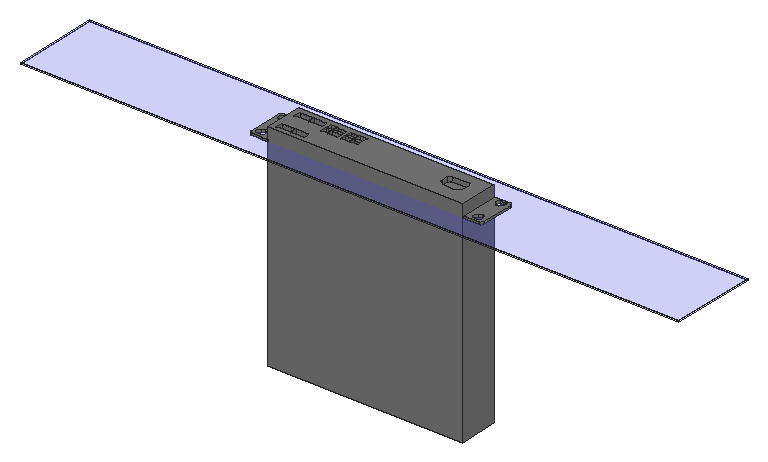
Revit family "QSC SPA4-60 Amplifier Rear Facing Rackmount", category Generic Models, host Face, Revit 2014
Parameters (values of type "SPA4-60 @ 100VAC")
  Width = 8.663"  # constant formula
  Weight Product (lb) = 4  # constant formula
  Weight Product (kg) = 1.4  # constant formula
  Weight Dimensional (lb) = 6.5  # constant formula
  Weight Dimensional (kg) = 2.5  # constant formula
  Voltage AC = "100-240 at 50-60 Hz"  # constant formula
  URL = "http://qsc.com/products/Power_Amplifiers/Spa_Series/SPA4-60/"
  Sustainability Rating = "Energy Star"  # constant formula
  Show Right Ear Short [instance] = yes
  Show Right Ear Long [instance] = no
  Show Left Ear Short [instance] = yes
  Show Left Ear Long [instance] = no
  Regulatory Compliance = "UL, CE, RoHS/WEEE, FCC Class B"  # constant formula
  Product Page URL = "http://qsc.com/products/Power_Amplifiers/Spa_Series/SPA4-60/\r\n\r\n\r\n."
  Product Documentation Link = "http://qsc.com/files/8714/4192/0733/SPA_Series_Specsheet_English.pdf"
  Power Standby = 24  # constant formula
  Power Peak = 170
  Power Active = 130
  Model = "SPA4-60"
  Manufacturer URL = "http://www.qscaudio.com"
  Manufacturer = "QSC Audio Products, LLC"  # constant formula
  Height = 1.730"  # constant formula
  Heat Load Standby = 33  # constant formula
  Heat Load Active = 103  # constant formula
  Face Depth = 0.0788"
  Description = "4 Channel 60 Watt/Channel Amplfier"
  Depth = 9.48819"  # constant formula
  Default Elevation = 0.000"
  Current Draw = 1.7
  Enclosure Material [instance] = Dark Gray Finish
  Amp Only Width = 8.663"  # constant formula
Types (4): name | Power Peak | Power Active | Current Draw
  (no name) | 170 | 130 | 1.7
  SPA4-60 @ 100VAC | 170 | 130 | 1.7
  SPA4-60 @ 120VAC | 180 | 132 | 1.5
  SPA4-60 @ 230VAC | 184 | 184 | 0.8
Reference planes (in)
  plane 1 "Center (Front/Back)": y = 0
  plane 2: z = 0
  plane 3 "Center (Left/Right)": x = 0
  plane 4 "Left": x = -4.3315
  plane 5 "Right": x = 4.3315
  plane 6 "Top": y = 0.865
  plane 7 "Bottom": y = -0.865
  plane 8 "Back": z = -8.93019
  plane 9 "Right Extend Ear": x = 13.8135
  plane 10 "Left Extend Ear": x = -13.8135
  plane 11 "Left Short Ear": x = -5.1529
  plane 12 "Right Short Ear": x = 5.1529
  plane 13 "Front": z = 0.558
  plane 14: z = -4.18609
Forms (in)
  Extrusion 1, solid, material "Glass"
    sketch origin (0, 0, 0) x (1, 0, 0) y (0, 1, 0)
      loop
        line (-14.5, 1.9685) -> (-14.5, -1.88975) -> (14.73031, -1.88975) -> (14.73031, 1.9685) -> (-14.5, 1.9685)
    from 0 to -0.079
  Extrusion 2, solid, material "Dark Gray Finish" <- "Enclosure Material", visible <- "Show Left Ear Short"
    sketch origin (0, 0, 0) x (1, 0, 0) y (0, 1, 0)
      loop
        arc (-5.02784, 0.865) -> (-5.11623, 0.82839) -> (-5.1529, 0.74) r 0.125
        line (-5.1529, 0.74) -> (-5.15284, -0.74)
        arc (-5.15284, -0.74) -> (-5.11623, -0.82839) -> (-5.02784, -0.865) r 0.125
        line (-5.02784, -0.865) -> (-4.3315, -0.865) -> (-4.3315, 0.865) -> (-5.02784, 0.865)
      loop
        line (-4.7552, 0.76559) -> (-4.893, 0.76559)
        arc (-4.893, 0.76559) -> (-5.0266, 0.64002) -> (-4.90953, 0.4989) r 0.13386
        arc (-4.90953, 0.4989) -> (-4.8241, 0.41343) -> (-4.73867, 0.4989) r 0.08543
        arc (-4.73867, 0.4989) -> (-4.6216, 0.64002) -> (-4.7552, 0.76559) r 0.13386
      loop
        arc (-4.7552, -0.75213) -> (-4.6216, -0.62655) -> (-4.73867, -0.48543) r 0.13386
        arc (-4.73867, -0.48543) -> (-4.8241, -0.39996) -> (-4.90953, -0.48543) r 0.08543
        arc (-4.90953, -0.48543) -> (-5.0266, -0.62655) -> (-4.893, -0.75213) r 0.13386
        line (-4.893, -0.75213) -> (-4.7552, -0.75213)
    from 0 to 0.0788 <- "Face Depth"
  Extrusion 3, solid, material "Dark Gray Finish" <- "Enclosure Material", visible <- "Show Right Ear Short"
    sketch origin (0, 0, 0) x (-1, 0, 0) y (0, -1, 0)
      loop
        line (-5.02784, -0.865) -> (-4.3315, -0.865) -> (-4.3315, 0.865) -> (-5.02784, 0.865)
        arc (-5.02784, 0.865) -> (-5.11623, 0.82839) -> (-5.15284, 0.74) r 0.125
        line (-5.15284, 0.74) -> (-5.1529, -0.74)
        arc (-5.1529, -0.74) -> (-5.11623, -0.82839) -> (-5.02784, -0.865) r 0.125
      loop
        arc (-4.7552, -0.76559) -> (-4.6216, -0.64002) -> (-4.73867, -0.4989) r 0.13386
        arc (-4.73867, -0.4989) -> (-4.8241, -0.41343) -> (-4.90953, -0.4989) r 0.08543
        arc (-4.90953, -0.4989) -> (-5.0266, -0.64002) -> (-4.893, -0.76559) r 0.13386
        line (-4.893, -0.76559) -> (-4.7552, -0.76559)
      loop
        line (-4.7552, 0.75213) -> (-4.893, 0.75213)
        arc (-4.893, 0.75213) -> (-5.0266, 0.62655) -> (-4.90953, 0.48543) r 0.13386
        arc (-4.90953, 0.48543) -> (-4.8241, 0.39996) -> (-4.73867, 0.48543) r 0.08543
        arc (-4.73867, 0.48543) -> (-4.6216, 0.62655) -> (-4.7552, 0.75213) r 0.13386
    from 0 to 0.0788 <- "Face Depth"
  Extrusion 4, solid, material "Dark Gray Finish" <- "Enclosure Material", visible <- "Show Right Ear Long"
    sketch origin (0, 0, 0) x (-1, 0, 0) y (0, -1, 0)
      loop
        arc (-13.55582, -0.49787) -> (-13.68968, -0.63173) -> (-13.55582, -0.76559) r 0.13386
        line (-13.55582, -0.76559) -> (-13.41803, -0.76559)
        arc (-13.41803, -0.76559) -> (-13.28417, -0.63173) -> (-13.41803, -0.49787) r 0.13386
        line (-13.41803, -0.49787) -> (-13.55582, -0.49787)
      loop
        arc (-13.55582, 0.75213) -> (-13.68968, 0.61827) -> (-13.55582, 0.48441) r 0.13386
        line (-13.55582, 0.48441) -> (-13.41803, 0.48441)
        arc (-13.41803, 0.48441) -> (-13.28417, 0.61827) -> (-13.41803, 0.75213) r 0.13386
        line (-13.41803, 0.75213) -> (-13.55582, 0.75213)
      loop
        line (-13.8135, 0.74) -> (-13.8135, -0.74)
        arc (-13.8135, -0.74) -> (-13.77689, -0.82839) -> (-13.6885, -0.865) r 0.125
        line (-13.6885, -0.865) -> (-4.3315, -0.865) -> (-4.3315, 0.865) -> (-13.6885, 0.865)
        arc (-13.6885, 0.865) -> (-13.77689, 0.82839) -> (-13.8135, 0.74) r 0.125
    from 0 to 0.0788 <- "Face Depth"
  Extrusion 5, solid, material "Dark Gray Finish" <- "Enclosure Material", visible <- "Show Left Ear Long"
    sketch origin (0, 0, 0) x (1, 0, 0) y (0, 1, 0)
      loop
        line (-13.55582, 0.49787) -> (-13.41803, 0.49787)
        arc (-13.41803, 0.49787) -> (-13.28417, 0.63173) -> (-13.41803, 0.76559) r 0.13386
        line (-13.41803, 0.76559) -> (-13.55582, 0.76559)
        arc (-13.55582, 0.76559) -> (-13.68968, 0.63173) -> (-13.55582, 0.49787) r 0.13386
      loop
        line (-13.55582, -0.75213) -> (-13.41803, -0.75213)
        arc (-13.41803, -0.75213) -> (-13.28417, -0.61827) -> (-13.41803, -0.48441) r 0.13386
        line (-13.41803, -0.48441) -> (-13.55582, -0.48441)
        arc (-13.55582, -0.48441) -> (-13.68968, -0.61827) -> (-13.55582, -0.75213) r 0.13386
      loop
        arc (-13.8135, -0.74) -> (-13.77689, -0.82839) -> (-13.6885, -0.865) r 0.125
        line (-13.6885, -0.865) -> (-4.3315, -0.865) -> (-4.3315, 0.865) -> (-13.6885, 0.865)
        arc (-13.6885, 0.865) -> (-13.77689, 0.82839) -> (-13.8135, 0.74) r 0.125
        line (-13.8135, 0.74) -> (-13.8135, -0.74)
    from 0 to 0.0788 <- "Face Depth"
  Extrusion 6, solid, material "Dark Gray Finish" <- "Enclosure Material"
    sketch origin (0, -0.865, -9.33059) x (-1, 0, 0) y (0, 0, 1)
      loop
        line (4.3315, 0.4004) -> (4.3315, 9.88859) -> (-4.3315, 9.88859) -> (-4.3315, 0.4004) -> (4.3315, 0.4004)
    from 0 to 1.73 <- "Height"
  Extrusion 7, void
    sketch origin (-16.617, -180, 0.558) x (0, -1, 0) y (-1, 0, 0)
      loop
        line (-180.64625, -12.48598) -> (-180.64625, -13.09621) -> (-180.33317, -13.09621) -> (-180.33317, -12.48598) -> (-180.64625, -12.48598)
      loop
        line (-180.33317, -13.74582) -> (-180.33317, -13.13558) -> (-180.64625, -13.13558) -> (-180.64625, -13.74582) -> (-180.33317, -13.74582)
      loop
        line (-180.40133, -13.88153) -> (-180.63567, -13.88153) -> (-180.63567, -14.14216) -> (-180.40133, -14.14216) -> (-180.40133, -13.88153)
      loop
        line (-180.63567, -14.62956) -> (-180.40133, -14.62956) -> (-180.40133, -14.18153) -> (-180.63567, -14.18153) -> (-180.63567, -14.62956)
      loop
        line (-180.40133, -14.7585) -> (-180.63567, -14.7585) -> (-180.63567, -15.11283) -> (-180.40133, -15.11283) -> (-180.40133, -14.7585)
      loop
        line (-180.63567, -15.50653) -> (-180.40133, -15.50653) -> (-180.40133, -15.1522) -> (-180.63567, -15.1522) -> (-180.63567, -15.50653)
      loop
        line (-180.39444, -19.45244) -> (-180.39444, -20.20139)
        arc (-180.39444, -20.20139) -> (-180.36012, -20.28426) -> (-180.27725, -20.31858) r 0.11719
        line (-180.27725, -20.31858) -> (-179.95436, -20.31858)
        arc (-179.95436, -20.31858) -> (-179.92446, -20.31263) -> (-179.89912, -20.2957) r 0.07813
        line (-179.89912, -20.2957) -> (-179.74803, -20.14461)
        arc (-179.74803, -20.14461) -> (-179.73109, -20.11927) -> (-179.72515, -20.08937) r 0.07813
        line (-179.72515, -20.08937) -> (-179.72515, -19.56354)
        arc (-179.72515, -19.56354) -> (-179.73109, -19.53364) -> (-179.74803, -19.5083) r 0.07813
        line (-179.74803, -19.5083) -> (-179.89912, -19.35721)
        arc (-179.89912, -19.35721) -> (-179.92446, -19.34028) -> (-179.95436, -19.33433) r 0.07813
        line (-179.95436, -19.33433) -> (-180.27633, -19.33433)
        arc (-180.27633, -19.33433) -> (-180.35985, -19.36892) -> (-180.39444, -19.45244) r 0.11811
      loop
        line (-180.10133, -13.88153) -> (-180.33567, -13.88153) -> (-180.33567, -14.14216) -> (-180.10133, -14.14216) -> (-180.10133, -13.88153)
      loop
        line (-180.33567, -14.62956) -> (-180.10133, -14.62956) -> (-180.10133, -14.18153) -> (-180.33567, -14.18153) -> (-180.33567, -14.62956)
      loop
        line (-180.10133, -14.7585) -> (-180.33567, -14.7585) -> (-180.33567, -15.11283) -> (-180.10133, -15.11283) -> (-180.10133, -14.7585)
      loop
        line (-180.33567, -15.50653) -> (-180.10133, -15.50653) -> (-180.10133, -15.1522) -> (-180.33567, -15.1522) -> (-180.33567, -15.50653)
      loop
        line (-179.64625, -12.48598) -> (-179.64625, -13.09621) -> (-179.33317, -13.09621) -> (-179.33317, -12.48598) -> (-179.64625, -12.48598)
      loop
        line (-179.33317, -13.74582) -> (-179.33317, -13.13558) -> (-179.64625, -13.13558) -> (-179.64625, -13.74582) -> (-179.33317, -13.74582)
    from 0 to 0.19685
  Extrusion 8, void
    sketch origin (0, 0, -8.93019) x (1, 0, 0) y (0, 1, 0)
      loop
        line (-0.1475, 0.55192) -> (-3.85217, 0.55192)
        arc (-3.85217, 0.55192) -> (-3.96265, 0.50615) -> (-4.00842, 0.39567) r 0.15625
        line (-4.00842, 0.39567) -> (-4.00842, 0.03888)
        arc (-4.00842, 0.03888) -> (-3.96265, -0.07161) -> (-3.85217, -0.11737) r 0.15625
        line (-3.85217, -0.11737) -> (-0.1475, -0.11737)
        arc (-0.1475, -0.11737) -> (-0.03701, -0.07161) -> (0.00875, 0.03888) r 0.15625
        line (0.00875, 0.03888) -> (0.00875, 0.39567)
        arc (0.00875, 0.39567) -> (-0.03701, 0.50615) -> (-0.1475, 0.55192) r 0.15625
    from 0 to 0.079
Cuts and joins
  Extrusion 7, Extrusion 8 cuts Extrusion 6
Lines and regions (in)
  model lines, style "GenericModel", not visible, detail levels fine
    curve 1: line (-3.35339, 0.42119, -8.93019) -> (-3.44988, 0.54832, -8.93019)
    curve 2: line (-3.44988, 0.54832, -8.93019) -> (-3.35339, 0.42119, -8.93019)
    curve 3: line (-3.7997, 0.43707, -8.93019) -> (-3.76325, 0.5682, -8.93019)
    curve 4: line (-3.76325, 0.5682, -8.93019) -> (-3.7997, 0.43707, -8.93019)
    curve 5: line (-3.73881, 0.35024, -8.93019) -> (-3.76602, 0.59291, -8.93019)
    curve 6: line (-3.76602, 0.59291, -8.93019) -> (-3.73881, 0.35024, -8.93019)
    curve 7: line (-3.22419, 0.52002, -8.93019) -> (-3.13815, 0.45681, -8.93019)
    curve 8: line (-3.13815, 0.45681, -8.93019) -> (-3.22419, 0.52002, -8.93019)
  model lines, style "GenericModel", detail levels fine
    curve 9: line (3.29089, 0.35869, -8.93019) -> (3.38738, 0.48582, -8.93019)
    curve 10: line (3.38738, 0.48582, -8.93019) -> (3.29089, 0.35869, -8.93019)
    curve 11: line (3.7372, 0.37457, -8.93019) -> (3.70075, 0.5057, -8.93019)
    curve 12: line (3.70075, 0.5057, -8.93019) -> (3.7372, 0.37457, -8.93019)
    curve 13: line (3.67631, 0.28774, -8.93019) -> (3.70352, 0.53041, -8.93019)
    curve 14: line (3.70352, 0.53041, -8.93019) -> (3.67631, 0.28774, -8.93019)
    curve 15: line (3.16169, 0.45752, -8.93019) -> (3.07565, 0.39431, -8.93019)
    curve 16: line (3.07565, 0.39431, -8.93019) -> (3.16169, 0.45752, -8.93019)
Dimensions and locks (in)
  equal spacing: plane 6 "Top", plane 1 "Center (Front/Back)", plane 7 "Bottom"
  "Height": plane 6 "Top" to plane 7 "Bottom"
  equal spacing: plane 4 "Left", plane 3 "Center (Left/Right)", plane 5 "Right"
  "Width": plane 4 "Left" to plane 5 "Right"
  plane 4 "Left" to plane 5 "Right" = 8.663"
  plane 5 "Right" to plane 9 "Right Extend Ear" = 9.482"
  plane 10 "Left Extend Ear" to plane 4 "Left" = 9.482"
  plane 11 "Left Short Ear" to plane 4 "Left" = 0.8214"
  plane 5 "Right" to plane 12 "Right Short Ear" = 0.8214"
  equal spacing: plane 13 "Front", plane 14, plane 8 "Back"
  plane 13 "Front" to plane 2 = 0.558"
  "Depth": plane 13 "Front" to plane 8 "Back"
  aligned and locked: plane 2 to Extrusion 1
  aligned and locked: level to Extrusion 1
  aligned and locked: Extrusion 2 sketch curve to plane 6 "Top"
  aligned and locked: plane 11 "Left Short Ear" to Extrusion 2 sketch curve
  aligned and locked: plane 9 "Right Extend Ear" to Extrusion 4 sketch curve
  aligned and locked: Extrusion 4 sketch curve to plane 7 "Bottom"
  aligned and locked: Extrusion 4 sketch curve to plane 6 "Top"
Automatic sketch dimensions
  curve 7 to curve 8 = 0.000"
  curve 7 to curve 7 = 0.08604"
  curve 8 to curve 7 = 0.000"  (x3)
  curve 7 to curve 2 = 0.1292"
  curve 1 to curve 2 = 0.000"  (x3)
  curve 2 to curve 1 = 0.09649"
  curve 2 to curve 1 = 0.000"
  curve 1 to curve 6 = 0.28894"
  curve 5 to curve 6 = 0.000"  (x2)
  curve 5 to curve 4 = 0.02444"
  curve 3 to curve 4 = 0.000"  (x2)
  curve 3 to curve 5 = 0.00277"
  curve 6 to curve 5 = 0.000"  (x2)
  curve 5 to curve 4 = 0.06089"
  curve 6 to curve 4 = 0.02471"
  curve 3 to curve 2 = 0.01989"
  curve 1 to curve 7 = 0.02829"
  curve 8 to curve 7 = 0.06321"
  curve 4 to curve 3 = 0.000"
  curve 1 to curve 2 = 0.12712"
  curve 3 to curve 5 = 0.08683"
  curve 15 to curve 16 = 0.000"
  curve 15 to curve 15 = 0.08604"
  curve 16 to curve 15 = 0.000"  (x3)
  curve 15 to curve 10 = 0.1292"
  curve 9 to curve 10 = 0.000"  (x3)
  curve 10 to curve 9 = 0.09649"
  curve 10 to curve 9 = 0.000"
  curve 9 to curve 14 = 0.28894"
  curve 13 to curve 14 = 0.000"  (x2)
  curve 13 to curve 12 = 0.02444"
  curve 11 to curve 12 = 0.000"  (x2)
  curve 11 to curve 13 = 0.00277"
  curve 14 to curve 13 = 0.000"  (x2)
  curve 13 to curve 12 = 0.06089"
  curve 12 to curve 14 = 0.02471"
  curve 10 to curve 11 = 0.01989"
  curve 15 to curve 9 = 0.02829"
  curve 15 to curve 16 = 0.06321"
  curve 12 to curve 11 = 0.000"
  curve 10 to curve 9 = 0.12712"
  curve 13 to curve 11 = 0.08683"
  Extrusion 1 sketch curve to Extrusion 1 sketch curve = 29.23031"
  Extrusion 1 sketch curve to Extrusion 1 sketch curve = 3.85825"
  Extrusion 2 sketch curve to plane 7 "Bottom" = 0.000"
  Extrusion 2 sketch curve to plane 4 "Left" = 0.000"
  plane 11 "Left Short Ear" to Extrusion 2 sketch curve = 0.12506"  (x2)
  Extrusion 2 sketch curve to Extrusion 2 sketch curve = 0.13484"  (x2)
  Extrusion 2 sketch curve to Extrusion 2 sketch curve = 0.0689"  (x2)
  Extrusion 2 sketch curve to Extrusion 2 sketch curve = 0.1378"  (x2)
  plane 7 "Bottom" to Extrusion 2 sketch curve = 0.11287"
  plane 7 "Bottom" to Extrusion 2 sketch curve = 0.125"
  Extrusion 2 sketch curve to Extrusion 2 sketch curve = 0.13386"  (x2)
  Extrusion 2 sketch curve to Extrusion 2 sketch curve = 0.13287"  (x2)
  Extrusion 2 sketch curve to plane 6 "Top" = 0.36614"
  Extrusion 2 sketch curve to Extrusion 2 sketch curve = 0.000"  (x3)
  Extrusion 2 sketch curve to Extrusion 2 sketch curve = 0.125"
  Extrusion 2 sketch curve to plane 6 "Top" = 0.09941"
  Extrusion 2 sketch curve to Extrusion 2 sketch curve = 0.08543"  (x2)
  Extrusion 3 sketch curve to plane 12 "Right Short Ear" = 0.000"
  Extrusion 3 sketch curve to plane 7 "Bottom" = 0.000"
  Extrusion 3 sketch curve to plane 6 "Top" = 0.000"
  Extrusion 3 sketch curve to plane 5 "Right" = 0.000"
  plane 12 "Right Short Ear" to Extrusion 3 sketch curve = 0.12506"  (x2)
  Extrusion 3 sketch curve to Extrusion 3 sketch curve = 0.13484"  (x2)
  Extrusion 3 sketch curve to Extrusion 3 sketch curve = 0.0689"  (x2)
  Extrusion 3 sketch curve to Extrusion 3 sketch curve = 0.1378"  (x2)
  Extrusion 3 sketch curve to plane 7 "Bottom" = 0.11287"
  Extrusion 3 sketch curve to Extrusion 3 sketch curve = 0.125"
  Extrusion 3 sketch curve to Extrusion 3 sketch curve = 0.13386"  (x2)
  Extrusion 3 sketch curve to Extrusion 3 sketch curve = 0.13287"  (x2)
  plane 6 "Top" to Extrusion 3 sketch curve = 0.36614"
  Extrusion 3 sketch curve to Extrusion 3 sketch curve = 0.000"  (x3)
  plane 6 "Top" to Extrusion 3 sketch curve = 0.125"
  plane 6 "Top" to Extrusion 3 sketch curve = 0.09941"
  Extrusion 3 sketch curve to Extrusion 3 sketch curve = 0.08543"  (x2)
  Extrusion 4 sketch curve to plane 5 "Right" = 0.000"
  plane 9 "Right Extend Ear" to Extrusion 4 sketch curve = 0.125"
  Extrusion 4 sketch curve to Extrusion 4 sketch curve = 0.125"
  Extrusion 4 sketch curve to Extrusion 4 sketch curve = 0.13268"  (x2)
  Extrusion 4 sketch curve to Extrusion 4 sketch curve = 0.1378"  (x2)
  Extrusion 4 sketch curve to plane 7 "Bottom" = 0.11287"
  Extrusion 4 sketch curve to Extrusion 4 sketch curve = 0.13386"  (x2)
  Extrusion 4 sketch curve to Extrusion 4 sketch curve = 0.24213"
  Extrusion 5 sketch curve to plane 10 "Left Extend Ear" = 0.000"
  Extrusion 5 sketch curve to plane 6 "Top" = 0.000"
  Extrusion 5 sketch curve to plane 7 "Bottom" = 0.000"
  Extrusion 5 sketch curve to plane 4 "Left" = 0.000"
  plane 10 "Left Extend Ear" to Extrusion 5 sketch curve = 0.125"
  Extrusion 5 sketch curve to Extrusion 5 sketch curve = 0.125"
  Extrusion 5 sketch curve to Extrusion 5 sketch curve = 0.13268"  (x2)
  Extrusion 5 sketch curve to Extrusion 5 sketch curve = 0.1378"  (x2)
  plane 7 "Bottom" to Extrusion 5 sketch curve = 0.11287"
  Extrusion 5 sketch curve to Extrusion 5 sketch curve = 0.13386"  (x2)
  Extrusion 5 sketch curve to Extrusion 5 sketch curve = 0.24213"
  Extrusion 6 sketch curve to plane 5 "Right" = 0.000"
  Extrusion 6 sketch curve to plane 4 "Left" = 0.000"
  Extrusion 6 sketch curve to plane 8 "Back" = 0.000"
  Extrusion 6 sketch curve to plane 13 "Front" = 0.000"
  plane 4 "Left" to Extrusion 8 sketch curve = 0.32308"
  plane 1 "Center (Front/Back)" to Extrusion 8 sketch curve = 0.11737"
  Extrusion 8 sketch curve to Extrusion 8 sketch curve = 0.15625"  (x2)
  Extrusion 8 sketch curve to plane 3 "Center (Left/Right)" = 0.1475"  (x2)
  plane 3 "Center (Left/Right)" to Extrusion 8 sketch curve = 0.00875"
  Extrusion 8 sketch curve to Extrusion 8 sketch curve = 0.35679"
  Extrusion 7 sketch curve to plane 6 "Top" = 0.21875"
  Extrusion 7 sketch curve to Extrusion 7 sketch curve = 0.000"  (x10)
  Extrusion 7 sketch curve to plane 6 "Top" = 0.22933"  (x2)
  Extrusion 7 sketch curve to Extrusion 7 sketch curve = 0.23434"  (x3)
  Extrusion 7 sketch curve to plane 1 "Center (Front/Back)" = 0.39444"
  Extrusion 7 sketch curve to Extrusion 7 sketch curve = 0.06566"  (x4)
  Extrusion 7 sketch curve to Extrusion 7 sketch curve = 0.31308"
  Extrusion 7 sketch curve to Extrusion 7 sketch curve = 0.0025"
  Extrusion 7 sketch curve to Extrusion 7 sketch curve = 0.11719"
  Extrusion 7 sketch curve to Extrusion 7 sketch curve = 0.11811"
  Extrusion 7 sketch curve to plane 1 "Center (Front/Back)" = 0.10133"  (x4)
  plane 1 "Center (Front/Back)" to Extrusion 7 sketch curve = 0.04564"  (x2)
  Extrusion 7 sketch curve to Extrusion 7 sketch curve = 0.05524"  (x4)
  plane 1 "Center (Front/Back)" to Extrusion 7 sketch curve = 0.19673"  (x2)
  Extrusion 7 sketch curve to Extrusion 7 sketch curve = 0.02288"  (x2)
  plane 1 "Center (Front/Back)" to Extrusion 7 sketch curve = 0.35375"  (x2)
  plane 7 "Bottom" to Extrusion 7 sketch curve = 0.19817"
  plane 4 "Left" to Extrusion 7 sketch curve = 0.20047"  (x2)
  Extrusion 7 sketch curve to Extrusion 7 sketch curve = 0.61024"  (x4)
  Extrusion 7 sketch curve to Extrusion 7 sketch curve = 0.03937"  (x6)
  Extrusion 7 sketch curve to Extrusion 7 sketch curve = 0.13571"  (x2)
  Extrusion 7 sketch curve to Extrusion 7 sketch curve = 0.26063"
  Extrusion 7 sketch curve to Extrusion 7 sketch curve = 0.44803"
  Extrusion 7 sketch curve to Extrusion 7 sketch curve = 0.12894"
  Extrusion 7 sketch curve to Extrusion 7 sketch curve = 0.35433"  (x2)
  Extrusion 7 sketch curve to plane 5 "Right" = 1.61417"
  Extrusion 7 sketch curve to Extrusion 7 sketch curve = 0.15109"
  Extrusion 7 sketch curve to Extrusion 7 sketch curve = 0.52583"
  Extrusion 7 sketch curve to Extrusion 7 sketch curve = 0.11202"
  Extrusion 7 sketch curve to Extrusion 7 sketch curve = 0.07812"
Connectors (in)
  electrical at (3.20953, -0.00035, 0.36115)
    settings: on cut or joined group of Extrusion 6, Extrusion 7, Extrusion 8, index 1, voltage 0 V, apparent load 0 VA, apparent load phase1 0 VA, apparent load phase2 0 VA, apparent load phase3 0 VA, power factor 1, load classification "Other", number of poles 1, system type 31, power factor state 1, is connector primary yes, connector utility no, sub classification motor no, connector description ""
  electrical at (-3.82591, 0.48971, 0.36115)
    settings: on cut or joined group of Extrusion 6, Extrusion 7, Extrusion 8, index 2, voltage 0 V, apparent load 0 VA, apparent load phase1 0 VA, apparent load phase2 0 VA, apparent load phase3 0 VA, power factor 1, load classification "Other", number of poles 1, system type 14, power factor state 1, is connector primary no, connector utility no, sub classification motor no, connector description "Output 1"
  electrical at (-3.1763, 0.48971, 0.36115)
    settings: on cut or joined group of Extrusion 6, Extrusion 7, Extrusion 8, index 3, voltage 0 V, apparent load 0 VA, apparent load phase1 0 VA, apparent load phase2 0 VA, apparent load phase3 0 VA, power factor 1, load classification "Other", number of poles 1, system type 14, power factor state 1, is connector primary no, connector utility no, sub classification motor no, connector description "Output 2"
  electrical at (-3.82591, -0.51029, 0.36115)
    settings: on cut or joined group of Extrusion 6, Extrusion 7, Extrusion 8, index 4, voltage 0 V, apparent load 0 VA, apparent load phase1 0 VA, apparent load phase2 0 VA, apparent load phase3 0 VA, power factor 1, load classification "Other", number of poles 1, system type 14, power factor state 1, is connector primary no, connector utility no, sub classification motor no, connector description "Output 3"
  electrical at (-3.1763, -0.51029, 0.36115)
    settings: on cut or joined group of Extrusion 6, Extrusion 7, Extrusion 8, index 5, voltage 0 V, apparent load 0 VA, apparent load phase1 0 VA, apparent load phase2 0 VA, apparent load phase3 0 VA, power factor 1, load classification "Other", number of poles 1, system type 14, power factor state 1, is connector primary no, connector utility no, sub classification motor no, connector description "Output 4"
  electrical at (-2.60516, 0.5185, 0.36115)
    settings: on cut or joined group of Extrusion 6, Extrusion 7, Extrusion 8, index 6, voltage 0 V, apparent load 0 VA, apparent load phase1 0 VA, apparent load phase2 0 VA, apparent load phase3 0 VA, power factor 1, load classification "Other", number of poles 1, system type 14, power factor state 1, is connector primary no, connector utility no, sub classification motor no, connector description "Ch 1&2 Standby Control"
  electrical at (-2.21146, 0.5185, 0.36115)
    settings: on cut or joined group of Extrusion 6, Extrusion 7, Extrusion 8, index 7, voltage 0 V, apparent load 0 VA, apparent load phase1 0 VA, apparent load phase2 0 VA, apparent load phase3 0 VA, power factor 1, load classification "Other", number of poles 1, system type 14, power factor state 1, is connector primary no, connector utility no, sub classification motor no, connector description "Ch 1&2 Volume Control"
  electrical at (-2.60516, 0.2185, 0.36115)
    settings: on cut or joined group of Extrusion 6, Extrusion 7, Extrusion 8, index 8, voltage 0 V, apparent load 0 VA, apparent load phase1 0 VA, apparent load phase2 0 VA, apparent load phase3 0 VA, power factor 1, load classification "Other", number of poles 1, system type 14, power factor state 1, is connector primary no, connector utility no, sub classification motor no, connector description "Ch 3&4 Standby Control"
  electrical at (-2.21146, 0.2185, 0.36115)
    settings: on cut or joined group of Extrusion 6, Extrusion 7, Extrusion 8, index 9, voltage 0 V, apparent load 0 VA, apparent load phase1 0 VA, apparent load phase2 0 VA, apparent load phase3 0 VA, power factor 1, load classification "Other", number of poles 1, system type 14, power factor state 1, is connector primary no, connector utility no, sub classification motor no, connector description "Ch 3&4 Volume Control"
  electrical at (-1.68134, 0.5185, 0.36115)
    settings: on cut or joined group of Extrusion 6, Extrusion 7, Extrusion 8, index 10, voltage 0 V, apparent load 0 VA, apparent load phase1 0 VA, apparent load phase2 0 VA, apparent load phase3 0 VA, power factor 1, load classification "Other", number of poles 1, system type 14, power factor state 1, is connector primary no, connector utility no, sub classification motor no, connector description "Input 1"
  electrical at (-1.28764, 0.5185, 0.36115)
    settings: on cut or joined group of Extrusion 6, Extrusion 7, Extrusion 8, index 11, voltage 0 V, apparent load 0 VA, apparent load phase1 0 VA, apparent load phase2 0 VA, apparent load phase3 0 VA, power factor 1, load classification "Other", number of poles 1, system type 14, power factor state 1, is connector primary no, connector utility no, sub classification motor no, connector description "Input 2"
  electrical at (-1.28764, 0.2185, 0.36115)
    settings: on cut or joined group of Extrusion 6, Extrusion 7, Extrusion 8, index 12, voltage 0 V, apparent load 0 VA, apparent load phase1 0 VA, apparent load phase2 0 VA, apparent load phase3 0 VA, power factor 1, load classification "Other", number of poles 1, system type 14, power factor state 1, is connector primary no, connector utility no, sub classification motor no, connector description "Input 4"
  electrical at (-1.68134, 0.2185, 0.36115)
    settings: on cut or joined group of Extrusion 6, Extrusion 7, Extrusion 8, index 13, voltage 0 V, apparent load 0 VA, apparent load phase1 0 VA, apparent load phase2 0 VA, apparent load phase3 0 VA, power factor 1, load classification "Other", number of poles 1, system type 14, power factor state 1, is connector primary no, connector utility no, sub classification motor no, connector description "Input 3"
